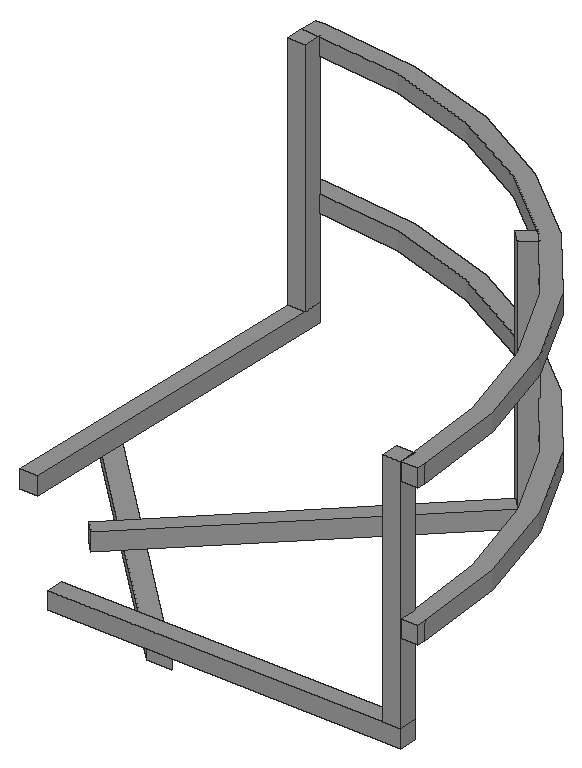
Revit family "Gitterinnen-Systeme_Gitterrinnenbogen 90°_GRB90510", category Generic Models, Revit 2015
Parameters (values of type "GRB 90 510 G")
  URL = "http://obo-bettermann.com"
  Material = Steel, Galvanized
  Manufacturer Art. No. = "6001920"
  Manufacturer = "OBO Bettermann"
  GTIN = "4012196352630"
  Article Type = "GRB 90 510 G"
Types (3, lengths in mm): name | Material | Manufacturer Art. No. | GTIN | Article Type
  (no name) | Steel, Galvanized | "6001920" | "4012196352630" | "GRB 90 510 G"
  GRB 90 510 G | Steel, Galvanized | "6001920" | "4012196352630" | "GRB 90 510 G"
  GRB 90 510 FT | Steel | "6002218" | "4012196001699" | "GRB 90 510 FT"
Reference planes
  plane 1 "Center (Front/Back)": y = 0
  plane 2: z = 0
  plane 3 "Center (Left/Right)": x = 0
  plane 4: through (0, 0, 1200) normal (-0.7071, 0.7071, 0)
  plane 5: y = 1.9
  plane 6: y = -1.9
  plane 7: x = 1.9
  plane 8: x = -1.9
  plane 9: through (12.438, 15.125, 1200) normal (-0.7071, 0.7071, 0)
  plane 10: through (15.125, 12.438, 1200) normal (-0.7071, 0.7071, 0)
  plane 11: z = 2.2
  plane 12: z = 6
  plane 13: z = 58
  plane 14: z = 54.2
  plane 15: z = 27.4
  plane 16: z = 23.6
  plane 17: through (-14.222, 64.427, 1200) normal (0.7071, 0.7071, 0)
  plane 18: through (-12.879, 65.771, 1200) normal (0.7071, 0.7071, 0)
  plane 19: through (-15.566, 63.084, 1200) normal (0.7071, 0.7071, 0)
Forms (mm)
  Extrusion 1, solid, material "Steel, Galvanized" <- "Material"
    sketch origin (0, 0, 0) x (1, 0, 0) y (0, 1, 0)
      loop
        line (-1.9, 49.418) -> (49.418, -1.9) -> (54.792, -1.9) -> (-1.9, 54.792) -> (-1.9, 49.418)
    from 0 to 2.2
  Extrusion 2, solid, material "Steel, Galvanized" <- "Material"
    sketch origin (0, 0, 0) x (1, 0, 0) y (0, 1, 0)
      loop
        line (-1.9, 104.5) -> (-1.9, 27.935) -> (1.9, 27.935) -> (1.9, 104.5) -> (-1.9, 104.5)
      loop
        line (18.41, 21.097) -> (21.097, 18.41) -> (75.224, 72.537) -> (72.537, 75.224) -> (18.41, 21.097)
      loop
        line (27.935, 1.9) -> (27.935, -1.9) -> (104.5, -1.9) -> (104.5, 1.9) -> (27.935, 1.9)
    from 2.2 to 6
  Extrusion 3, solid, material "Steel, Galvanized" <- "Material"
    sketch origin (0, 0, 0) x (1, 0, 0) y (0, 1, 0)
      loop
        line (104.5, 0) -> (104.5, -1.9) -> (108.3, -1.9) -> (108.3, 0)
        arc (108.3, 0) -> (76.58, 76.58) -> (0, 108.3) r 108.3
        line (0, 108.3) -> (-1.9, 108.3) -> (-1.9, 104.5) -> (0, 104.5)
        arc (0, 104.5) -> (73.893, 73.893) -> (104.5, 0) r 104.5
    from 54.2 to 58
  Extrusion 4, solid, material "Steel, Galvanized" <- "Material"
    sketch origin (0, 0, 0) x (1, 0, 0) y (0, 1, 0)
      loop
        line (1.9, 104.483) -> (-1.9, 104.483) -> (-1.9, 100.7) -> (1.9, 100.7) -> (1.9, 104.483)
      loop
        line (72.537, 69.85) -> (75.224, 72.537) -> (72.537, 75.224) -> (69.85, 72.537) -> (72.537, 69.85)
      loop
        line (104.5, -1.9) -> (104.5, 1.9) -> (100.671, 1.9) -> (100.671, -1.9) -> (104.5, -1.9)
    from 6 to 58
  Extrusion 5, solid, material "Steel, Galvanized" <- "Material"
    sketch origin (0, 0, 0) x (1, 0, 0) y (0, 1, 0)
      loop
        arc (0, 104.5) -> (73.893, 73.893) -> (104.5, 0) r 104.5
        line (104.5, 0) -> (104.5, -1.9) -> (108.3, -1.9) -> (108.3, 0)
        arc (108.3, 0) -> (76.58, 76.58) -> (0, 108.3) r 108.3
        line (0, 108.3) -> (-1.9, 108.3) -> (-1.9, 104.5) -> (0, 104.5)
    from 23.6 to 27.4
Lines and regions (mm)
  reference lines
    curve 1: arc (104.5, 0, 0) -> (73.893, 73.893, 0) -> (0, 104.5, 0) r 104.5
    curve 2: arc (108.3, 0, 0) -> (76.58, 76.58, 0) -> (0, 108.3, 0) r 108.3
    curve 3: arc (28, 0, 0) -> (19.799, 19.799, 0) -> (0, 28, 0) r 28
  model lines
    curve 4: line (-1.9, 108.3, 0) -> (-1.9, 27.935, 0)
    curve 5: line (-1.9, 27.935, 0) -> (1.9, 27.935, 0)
    curve 6: line (1.9, 27.935, 0) -> (1.9, 104.483, 0)
    curve 7: line (18.41, 21.097, 0) -> (72.537, 75.224, 0)
    curve 8: line (21.097, 18.41, 0) -> (75.224, 72.537, 0)
    curve 9: arc (21.097, 18.41, 0) -> (19.799, 19.799, 0) -> (18.41, 21.097, 0) r 28
    curve 10: line (27.935, 1.9, 0) -> (27.935, -1.9, 0)
    curve 11: line (27.935, -1.9, 0) -> (108.3, -1.9, 0)
    curve 12: line (104.483, 1.9, 0) -> (27.935, 1.9, 0)
    curve 13: line (1.9, 50.992, 0) -> (50.992, 1.9, 0)
    curve 14: line (50.992, 1.9, 0) -> (45.618, 1.9, 0)
    curve 15: line (45.618, 1.9, 0) -> (1.9, 45.618, 0)
    curve 16: line (1.9, 45.618, 0) -> (1.9, 50.992, 0)
    curve 17: line (108.3, 0, 0) -> (108.3, -1.9, 0)
    curve 18: line (104.5, 0, 0) -> (104.5, -1.9, 0)
    curve 19: line (0, 108.3, 0) -> (-1.9, 108.3, 0)
    curve 20: line (0, 104.5, 0) -> (-1.9, 104.5, 0)
    curve 21: line (69.85, 72.537, 0) -> (72.537, 69.85, 0)
    curve 22: line (1.9, 100.7, 0) -> (-1.9, 100.7, 0)
    curve 23: line (100.671, 1.9, 0) -> (100.671, -1.9, 0)
Dimensions and locks
  equal spacing: plane 8, plane 3 "Center (Left/Right)", plane 7
  locked: plane 8 to plane 7 at 3.8
  equal spacing: plane 5, plane 1 "Center (Front/Back)", plane 6
  locked: plane 5 to plane 6 at 3.8
  locked: level to plane 11 at 2.2
  locked: plane 11 to plane 12 at 3.8
  locked: level to plane 13 at 58
  plane 14 to plane 13 = 3.8 mm
  locked: plane 16 to plane 15 at 3.8
  locked: level to plane 15 at 27.4
  plane 17 to plane 4 = 35.5 mm
  angle plane 1 "Center (Front/Back)" to plane 4 = 45.00°
  aligned and locked: level to plane 2
  aligned and locked: curve 4 to plane 8
  aligned and locked: plane 7 to curve 5
  aligned and locked: curve 7 to plane 9
  aligned and locked: curve 8 to plane 10
  aligned and locked: curve 11 to plane 6
  aligned and locked: plane 5 to curve 12
  aligned and locked: curve 13 to plane 18
  aligned and locked: plane 19 to curve 15
  aligned and locked: Extrusion 1 sketch curve to plane 19
  aligned and locked: Extrusion 1 sketch curve to plane 6
  aligned and locked: plane 18 to Extrusion 1 sketch curve
  aligned and locked: plane 8 to Extrusion 1 sketch curve
  aligned and locked: Extrusion 1 to level
  aligned and locked: Extrusion 2 sketch curve to curve 20
  aligned and locked: Extrusion 2 sketch curve to curve 6
  aligned and locked: Extrusion 2 sketch curve to curve 5
  aligned and locked: Extrusion 2 sketch curve to curve 4
  aligned and locked: Extrusion 2 sketch curve to curve 7  (x2)
  aligned and locked: Extrusion 2 sketch curve to curve 8
  aligned and locked: Extrusion 2 sketch curve to curve 10
  aligned and locked: Extrusion 2 sketch curve to curve 11
  aligned and locked: Extrusion 2 sketch curve to curve 18
  aligned and locked: Extrusion 2 sketch curve to curve 12
  aligned and locked: Extrusion 2 to plane 11
  aligned and locked: plane 12 to Extrusion 2
  aligned and locked: Extrusion 3 sketch curve to curve 1
  aligned and locked: Extrusion 3 sketch curve to curve 2
  aligned and locked: Extrusion 3 to plane 14
  aligned and locked: plane 13 to Extrusion 3
  aligned and locked: Extrusion 4 sketch curve to curve 6
  aligned and locked: Extrusion 2 to Extrusion 4 sketch curve
  aligned and locked: Extrusion 4 sketch curve to curve 22
  aligned and locked: Extrusion 4 sketch curve to plane 7
  aligned and locked: Extrusion 4 sketch curve to Extrusion 2  (x3)
  aligned and locked: Extrusion 4 sketch curve to curve 7
  aligned and locked: Extrusion 4 sketch curve to curve 21
  aligned and locked: Extrusion 4 sketch curve to curve 23
  aligned and locked: Extrusion 4 sketch curve to plane 6
  aligned and locked: Extrusion 4 to plane 12
  aligned and locked: plane 13 to Extrusion 4
  aligned and locked: Extrusion 5 sketch curve to Extrusion 3  (x2)
  aligned and locked: Extrusion 5 sketch curve to Extrusion 2
  aligned and locked: Extrusion 5 to plane 16
  aligned and locked: plane 15 to Extrusion 5
Automatic sketch dimensions
  curve 1 to curve 2 = 0 mm  (x2)
  curve 1 to curve 3 = 0 mm  (x2)
  plane 1 "Center (Front/Back)" to curve 1 = 0 mm
  curve 1 to plane 3 "Center (Left/Right)" = 0 mm
  curve 3 to plane 7 = 26.1 mm
  curve 1 to curve 2 = 3.8 mm
  curve 3 to curve 1 = 76.5 mm
  curve 19 to plane 3 "Center (Left/Right)" = 0 mm
  curve 20 to plane 3 "Center (Left/Right)" = 0 mm
  plane 1 "Center (Front/Back)" to curve 9 = 0 mm
  curve 9 to plane 3 "Center (Left/Right)" = 0 mm
  curve 16 to plane 7 = 0 mm
  curve 15 to plane 5 = 0 mm
  curve 14 to plane 18 = 0 mm
  plane 1 "Center (Front/Back)" to curve 18 = 0 mm
  plane 1 "Center (Front/Back)" to curve 17 = 0 mm
  curve 16 to plane 19 = 0 mm
  curve 16 to plane 18 = 0 mm
  curve 7 to plane 7 = 16.51 mm
  curve 12 to curve 14 = 17.682 mm
  curve 13 to curve 17 = 57.308 mm
  curve 5 to curve 15 = 17.682 mm
  curve 13 to curve 4 = 57.308 mm
  curve 21 to plane 7 = 67.95 mm
  curve 21 to curve 7 = 2.687 mm
  plane 5 to curve 8 = 70.637 mm
  curve 23 to curve 17 = 7.629 mm
  curve 23 to curve 12 = 3.812 mm
  curve 18 to curve 11 = 3.8 mm
  curve 22 to curve 19 = 7.6 mm
  curve 22 to curve 6 = 3.783 mm
  curve 6 to curve 20 = 0.017 mm
  Extrusion 2 sketch curve to plane 7 = 16.51 mm
  Extrusion 3 sketch curve to plane 8 = 0 mm
  Extrusion 3 sketch curve to plane 6 = 0 mm
  Extrusion 4 sketch curve to plane 10 = 0 mm
  Extrusion 5 sketch curve to plane 8 = 0 mm
  Extrusion 5 sketch curve to plane 6 = 0 mm
